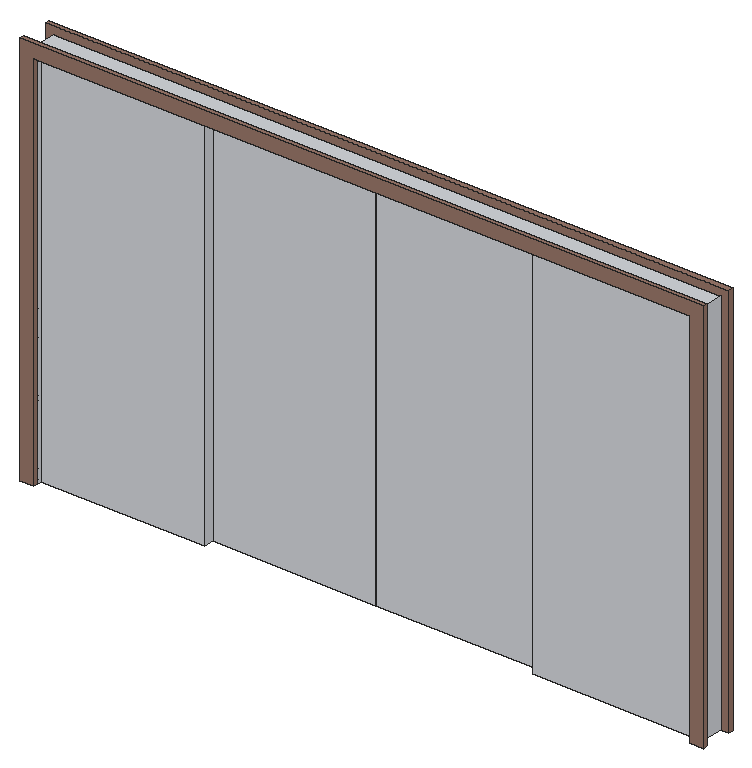
Revit family "Sliding_Door_-_Adjustable_4_panel_2245", category Portas, Revit 2015
Parameters (values of type "Adjustable")
  Função = Interior
  Thickness [instance] = 0' - 2"
  Rough Width = 0' - 2"
  Door [instance] = Width / 4  # 3' - 0"
  Código de montagem = "C1020"
  Door Material = Door - Panel
  Frame Material = Door - Frame
  Height [instance] = 7' - 0"
  Trim Projection Ext = 0' - 1"
  Trim Projection Int = 0' - 1"
  Trim Width [instance] = 0' - 3"
  Fechamento da parede = Por hospedeiro
  Width [instance] = 12' - 0"
Reference planes (in)
  plane 1: y = 0
  plane 2: z = 0
  plane 3: x = 0
  plane 4: x = -72
  plane 5: x = 72
  plane 6: z = 84
Forms (in)
  Extrusion 1, solid, material "Door - Frame" <- "Frame Material"
    sketch origin (-59.38673, -3, 0) x (1, 0, 0) y (0, 0, 1)
      loop
        line (-15.61327, 87) -> (-15.61327, 0) -> (-12.61327, 0) -> (-12.61327, 84) -> (131.38673, 84) -> (131.38673, 0) -> (134.38673, 0) -> (134.38673, 87) -> (-15.61327, 87)
    from 0 to 1
  Extrusion 2, solid, material "Door - Frame" <- "Frame Material"
    sketch origin (-59.38673, 3, 0) x (-1, 0, 0) y (0, 0, 1)
      loop
        line (-134.38673, 87) -> (-134.38673, 0) -> (-131.38673, 0) -> (-131.38673, 84) -> (12.61327, 84) -> (12.61327, 0) -> (15.61327, 0) -> (15.61327, 87) -> (-134.38673, 87)
    from 0 to 1
  Extrusion 3, solid
    sketch origin (-21.21247, -20.97051, 0) x (1, 0, 0) y (0, 1, 0)
      loop
        line (-50.78753, 18.97051) -> (-14.78753, 18.97051) -> (-14.78753, 20.97051) -> (-50.78753, 20.97051) -> (-50.78753, 18.97051)
    from 0 to 84
  Extrusion 4, solid
    sketch origin (24.78753, -17.97051, 0) x (1, 0, 0) y (0, 1, 0)
      loop
        line (-60.78753, 17.97051) -> (-24.78753, 17.97051) -> (-24.78753, 19.97051) -> (-60.78753, 19.97051) -> (-60.78753, 17.97051)
    from 0 to 84
  Sweep 5, solid
    path in 3D
      loop
        line (-72, -4, 0) -> (-72, -4, 84) -> (72, -4, 84) -> (72, -4, 0)
    profile origin (-72, -4, 42) x (0, -1, 0) y (1, 0, 0)
      loop
        line (-7, -1.25) -> (-1, -1.25) -> (-1, 0) -> (-7, 0) -> (-7, -1.25)
  Extrusion 6, solid
    sketch origin (50.78753, -19.47051, 0) x (1, 0, 0) y (0, 1, 0)
      loop
        line (-50.78753, 19.47051) -> (-14.78753, 19.47051) -> (-14.78753, 21.47051) -> (-50.78753, 21.47051) -> (-50.78753, 19.47051)
    from 0 to 84
  Extrusion 7, solid
    sketch origin (72.78753, -21.47051, 0) x (1, 0, 0) y (0, 1, 0)
      loop
        line (-36.78753, 19.47051) -> (-0.78753, 19.47051) -> (-0.78753, 21.47051) -> (-36.78753, 21.47051) -> (-36.78753, 19.47051)
    from 0 to 84
Lines and regions (in)
  Opening 1
    outline origin (-59.38673, -3, 144) x (0, 0, -1) y (1, 0, 0)
      loop
        line (58.75, -13.86327) -> (144, -13.86327) -> (144, 132.63673) -> (58.75, 132.63673) -> (58.75, -13.86327)
  model lines, style "DoorsFrameMullionProjection"
    curve 1: line (-75, -3, 87) -> (75, -3, 87)
    curve 2: line (75, -3, 87) -> (75, -3, 0)
    curve 3: line (75, 3, 0) -> (75, 3, 87)
    curve 4: line (-75, 3, 87) -> (75, 3, 87)
  sketch lines
    curve 5: line (-72, -4, 0) -> (-72, -4, 84)
    curve 6: line (-72, -4, 84) -> (72, -4, 84)
    curve 7: line (72, -4, 84) -> (72, -4, 0)
  symbolic lines, style "Doors"
    curve 8: line (-71.75, -0.125, 0) -> (-35.75, -0.125, 0)
    curve 9: line (-71.75, -2.125, 0) -> (-71.75, -0.125, 0)
    curve 10: line (-35.75, -2.125, 0) -> (-71.75, -2.125, 0)
    curve 11: line (-35.75, -0.125, 0) -> (-35.75, -2.125, 0)
    curve 12: line (-42.25, 2.125, 0) -> (-6.25, 2.125, 0)
    curve 13: line (-42.25, 0.125, 0) -> (-42.25, 2.125, 0)
    curve 14: line (-6.25, 0.125, 0) -> (-42.25, 0.125, 0)
    curve 15: line (-6.25, 2.125, 0) -> (-6.25, 0.125, 0)
    curve 16: line (71.75, -0.125, 0) -> (35.75, -0.125, 0)
    curve 17: line (71.75, -2.125, 0) -> (71.75, -0.125, 0)
    curve 18: line (35.75, -2.125, 0) -> (71.75, -2.125, 0)
    curve 19: line (35.75, -0.125, 0) -> (35.75, -2.125, 0)
    curve 20: line (42.25, 2.125, 0) -> (6.25, 2.125, 0)
    curve 21: line (42.25, 0.125, 0) -> (42.25, 2.125, 0)
    curve 22: line (6.25, 0.125, 0) -> (42.25, 0.125, 0)
    curve 23: line (6.25, 2.125, 0) -> (6.25, 0.125, 0)
Dimensions and locks (in)
  equal spacing: plane 4, plane 3, plane 5
  "Width": plane 4 to plane 5
  "Height": plane 6 to plane 2
  "Trim Width": plane 5 to curve 2
  "Trim Width": plane 6 to curve 1
  locked: curve 4 to host wall
  "Trim Projection Ext": Extrusion 2 to host wall
  equal spacing: Extrusion 3, Extrusion 3, Extrusion 6, Extrusion 6, Extrusion 7
  "Thickness": Extrusion 6 to Extrusion 6
  "Thickness": Extrusion 7 to Extrusion 7
  "Thickness": Extrusion 4 to Extrusion 4
  "Thickness": Extrusion 3 to Extrusion 3
  plane 4 to curve 9 = 0' - 0 1/4"
  "Door": curve 9 to curve 11
  "Door": curve 13 to curve 15
  curve 13 to curve 11 = 0' - 6 1/2"
  "Door": curve 17 to curve 19
  "Door": curve 21 to curve 23
  curve 19 to curve 21 = 0' - 6 1/2"
  curve 17 to plane 5 = 0' - 0 1/4"
  equal spacing: curve 8, host wall, curve 14
  equal spacing: curve 22, host wall, curve 16
  "Thickness": curve 10 to curve 8
  "Thickness": curve 14 to curve 12
  "Thickness": curve 22 to curve 20
  "Thickness": curve 18 to curve 16
  aligned and locked: curve 2 to level
  aligned and locked: curve 3 to curve 2
  aligned and locked: curve 1 to Extrusion 1 sketch curve
  aligned and locked: Extrusion 1 sketch curve to curve 2
  aligned and locked: Extrusion 1 to Extrusion 2 sketch curve
  aligned and locked: Extrusion 2 sketch curve to Extrusion 1  (x2)
  aligned and locked: host wall to Sweep 5 sketch curve  (x2)
  aligned and locked: Sweep 5 sketch curve to host wall
  aligned and locked: Sweep 5 sketch curve to Extrusion 1
  aligned and locked: Extrusion 6 to plane 3
  aligned and locked: plane 3 to Extrusion 4
  aligned and locked: plane 4 to Extrusion 3
  aligned and locked: Extrusion 7 to plane 5
  aligned and locked: Extrusion 7 to host wall
  aligned and locked: host wall to Extrusion 6
  aligned and locked: Extrusion 7 to Extrusion 6
  aligned and locked: Extrusion 3 to host wall
  aligned and locked: host wall to Extrusion 4
  aligned and locked: Extrusion 6 to Extrusion 4
  aligned and locked: Extrusion 4 to Extrusion 3
Automatic sketch dimensions
  Extrusion 1 sketch curve to level = 0' - 0"  (x2)
  Extrusion 1 sketch curve to plane 4 = 0' - 0"
  Extrusion 1 sketch curve to plane 5 = 0' - 0"
  Extrusion 1 sketch curve to plane 6 = 0' - 0"
  Extrusion 2 sketch curve to level = 0' - 0"  (x2)
  Extrusion 2 sketch curve to plane 5 = 0' - 0"
  Extrusion 2 sketch curve to plane 4 = 0' - 0"
  Extrusion 2 sketch curve to plane 6 = 0' - 0"
  curve 3 to level = 0' - 0"
  Opening 1 sketch curve to level = 0' - 0"
  Opening 1 sketch curve to plane 6 = 0' - 1 1/4"
  plane 4 to Opening 1 sketch curve = 0' - 1 1/4"
  Opening 1 sketch curve to plane 5 = 0' - 1 1/4"
  curve 4 to curve 1 = 0' - 0"
  plane 4 to curve 4 = 0' - 3"
  curve 1 to curve 4 = 0' - 0"
  plane 4 to Extrusion 1 sketch curve = 0' - 3"
  Extrusion 3 sketch curve to plane 4 = 0' - 0"
  Extrusion 3 sketch curve to plane 3 = 3' - 0"
  Extrusion 3 sketch curve to host wall = 0' - 5"
  Extrusion 3 sketch curve to Extrusion 3 sketch curve = 0' - 2"
  Extrusion 4 sketch curve to host wall = 0' - 0"
  Extrusion 4 sketch curve to plane 3 = 3' - 0"
  plane 5 to Extrusion 4 sketch curve = 6' - 0"
  Extrusion 4 sketch curve to host wall = 0' - 1"
  plane 3 to Extrusion 6 sketch curve = 0' - 0"
  Extrusion 6 sketch curve to host wall = 0' - 2"
  plane 3 to Extrusion 6 sketch curve = 3' - 0"
  Extrusion 6 sketch curve to host wall = 0' - 0"
  plane 5 to Extrusion 7 sketch curve = 0' - 0"
  host wall to Extrusion 7 sketch curve = 0' - 2"
  plane 3 to Extrusion 7 sketch curve = 3' - 0"
  host wall to Extrusion 7 sketch curve = 0' - 0"
  host wall to curve 9 = 0' - 0 1/8"
  host wall to curve 19 = 0' - 0 1/8"
